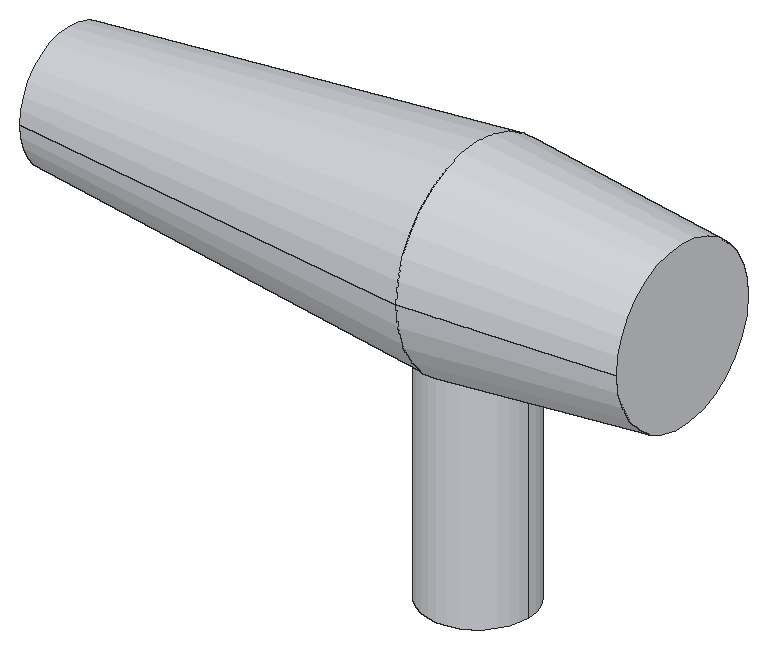
Revit family "64a5bf509b9349dfa2ab234b6efe8e5b", category Electrical Fixtures, Revit 2021
Family settings
  Maintain Annotation Orientation = Yes
  Round Connector Dimension = Use Diameter
  Part Type = Normal
  OmniClass Number = 23.45.70.11
  OmniClass Title = Laundry Equipment
  Seek Item ID = Hair Dryer-0000-USA-ENU
  Work Plane-Based = No
  Always vertical = Yes
  Cut with Voids When Loaded = No
  Shared = No
  Room Calculation Point = No
Parameters (values of type "Standard")
  Voltage = 120 V
  Radius 4 = 0' - 1 77/128"
  Radius 3 = 0' - 1 51/256"
  Radius 2 = 0' - 2"
  Radius 1 = 0' - 1"
  Number of Poles = 1
  Load Classification = Appliance - Dwelling Unit
  Length 2 = 0' - 4"
  Length 1 = 0' - 8"
  Label = "H"
  Height = 0' - 6"
  Dryer Material = none
  Default Elevation = 0' - 0"
  Apparent Load = 1000 VA
Reference planes (in)
  plane 1 "Center (Front/Back)": y = 0
  plane 2: z = 0
  plane 3 "Center (Left/Right)": x = 0
  plane 4: x = -8
  plane 5: x = 4
  plane 6: z = 6
Forms (in)
  Extrusion 1, solid, material <- "Dryer Material"
    sketch origin (0, 0, 0) x (1, 0, 0) y (0, 1, 0)
      loop
        circle (0, 0) r 1
    from 0 to 6
  Blend 2, solid, material <- "Dryer Material"
    base sketch origin (0, 0, 0) x (0, 1, 0) y (0, 0, 1)
      loop
        circle (0, 6) r 1.19922
    top sketch origin (0, 0, 0) x (0, 1, 0) y (0, 0, 1)
      loop
        circle (0, 6) r 2
    from -8 to 0
  Blend 3, solid, material <- "Dryer Material"
    base sketch origin (0, 0, 0) x (0, 1, 0) y (0, 0, 1)
      loop
        circle (0, 6) r 2
    top sketch origin (0, 0, 0) x (0, 1, 0) y (0, 0, 1)
      loop
        circle (0, 6) r 1.60156
    from 0 to 4
Cuts and joins
  joined: Extrusion 1, Blend 2, Blend 3
Lines and regions (in)
  symbolic lines, detail levels fine
    curve 1: line (-8, 1.19922, 0) -> (-8, -1.19922, 0)
    curve 2: line (4, -1.60156, 0) -> (4, 1.60156, 0)
    curve 3: line (-8, 1.19922, 0) -> (0, 2, 0)
    curve 4: line (0, 2, 0) -> (4, 1.60156, 0)
    curve 5: line (4, -1.60156, 0) -> (0, -2, 0)
    curve 6: line (0, -2, 0) -> (-8, -1.19922, 0)
    curve 7: line (0, 2, 0) -> (0, -2, 0)
Dimensions and locks (in)
  "Height": plane 6 to plane 2
  "Length 1": plane 3 "Center (Left/Right)" to plane 4
  "Length 2": plane 5 to plane 3 "Center (Left/Right)"
  "Radius 1": radius of Extrusion 1 sketch curve
  "Radius 2": radius of Blend 2 sketch curve
  "Radius 3": radius of Blend 2 sketch curve
  "Radius 2": radius of Blend 3 sketch curve
  "Radius 4": radius of Blend 3 sketch curve
  aligned and locked: Blend 2 to plane 4
  aligned and locked: plane 3 "Center (Left/Right)" to Blend 2
  aligned and locked: plane 1 "Center (Front/Back)" to Extrusion 1 sketch curve
  aligned and locked: plane 3 "Center (Left/Right)" to Extrusion 1 sketch curve
  aligned and locked: Extrusion 1 to plane 2
  aligned and locked: plane 6 to Extrusion 1
  aligned and locked: plane 6 to Blend 2 sketch curve  (x2)
  aligned and locked: plane 1 "Center (Front/Back)" to Blend 2 sketch curve  (x2)
  aligned and locked: plane 6 to Blend 3 sketch curve  (x2)
  aligned and locked: plane 1 "Center (Front/Back)" to Blend 3 sketch curve  (x2)
  aligned and locked: Blend 3 to plane 3 "Center (Left/Right)"
  aligned and locked: plane 5 to Blend 3
  aligned and locked: curve 1 to cut or joined group of Extrusion 1, Blend 2, Blend 3
  aligned and locked: curve 2 to cut or joined group of Extrusion 1, Blend 2, Blend 3
  aligned and locked: curve 5 to cut or joined group of Extrusion 1, Blend 2, Blend 3
  aligned and locked: curve 7 to cut or joined group of Extrusion 1, Blend 2, Blend 3
  aligned and locked: plane 1 "Center (Front/Back)" to nested 1
  aligned and locked: plane 3 "Center (Left/Right)" to nested 1
Automatic sketch dimensions
  plane 1 "Center (Front/Back)" to curve 5 = 0' - 2"
  plane 1 "Center (Front/Back)" to curve 2 = 0' - 1 77/128"
  plane 1 "Center (Front/Back)" to curve 1 = 0' - 1 51/256"
  curve 3 to plane 1 "Center (Front/Back)" = 0' - 1 51/256"
  curve 2 to plane 1 "Center (Front/Back)" = 0' - 1 77/128"
  curve 7 to plane 1 "Center (Front/Back)" = 0' - 2"
Nested families (in)
  nested 1: "Hair Dryer Annotation" at (0, 0, 0), type "Hair Dryer Annotation", detail levels coarse+medium
Connectors (in)
  electrical at (0, 0, 0), driven by "Voltage", driven by "Apparent Load", driven by "Number of Poles", driven by "Load Classification"
    settings: on cut or joined group of Extrusion 1, Blend 2, Blend 3, index 1, voltage 120 V, apparent load 1000 VA, apparent load phase1 0 VA, apparent load phase2 0 VA, apparent load phase3 0 VA, power factor 1, load classification "Appliance - Dwelling Unit", number of poles 1, system type 30, power factor state 1, is connector primary yes, connector utility no, sub classification motor no, connector description ""
Definition of nested family "Hair Dryer Annotation"
  Parameters
    Label Annotation = "AIM"
  Reference planes (in)
    plane 1: y = 0
    plane 2: x = 0
  Lines and regions (in)
    reference lines
      curve 1: line (0.09375, 0.3651, 0) -> (0.09375, -0.30581, 0)
    detail lines
      curve 2: line (0.09375, 0.09375, 0) -> (0, 0.1875, 0)
      curve 3: line (0, 0.1875, 0) -> (-0.09375, 0.09375, 0)
      curve 4: line (-0.09375, 0.09375, 0) -> (0, 0, 0)
      curve 5: line (0, 0, 0) -> (0.09375, 0.09375, 0)
  Text (in)
    label "H" at (-0.0418, 0.09057, 0), shows "Label Annotation"
  Dimensions and locks (in)
    locked: plane 2 to curve 1 at 0.09375
